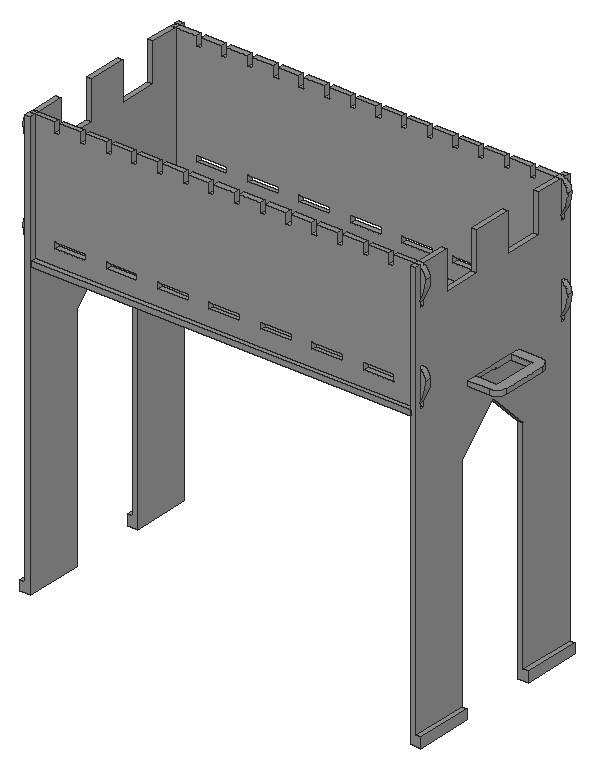
Revit family "9321 Чугунный мангал «Замок» (Разборный) Хоббика", category Антураж, Revit 2018
Family settings
  На основе рабочей плоскости = Нет
  Всегда вертикально = Да
  При загрузке вырезать с полостями = Нет
  Источник визуального образа = Геометрия семейства
  Общий = Нет
  Точка расчета площади = Нет
Parameters (values of type "Чугунный мангал «Замок» (Разборный)")
  Ширина = 300 mm  # constant formula
  Описание = "Чугунный мангал «Замок» (Разборный)"  # constant formula
  Материал изделия = "Чугун"  # constant formula
  Изображение типоразмера = Чугунный мангал «Замок» (Разборный) Арт 9321.jpg
  Изготовитель = "ООО «Хоббика»"  # constant formula
  Длина = 710 mm  # constant formula
  Группа модели = "Мангалы и барбекю"  # constant formula
  Высота = 670 mm  # constant formula
  Артикул товара = "Арт. 9321"  # constant formula
  URL = "https://hobbyka.ru/product/chugunnyy_mangal_zamok_razbornyy/"
Reference planes
  plane 1 "По центру (Вперед/Назад)": y = 0
  plane 2: z = 0
  plane 3 "По центру (Влево/Вправо)": x = 0
  plane 4: y = 300
  plane 5: x = 710
  plane 6: z = 670
Forms (mm)
  Extrusion 1, solid, material "Чугун"
    sketch origin (0, 0, 0) x (0, 1, 0) y (0, 0, 1)
      loop
        line (300, 670) -> (292, 670) -> (292, 610) -> (284, 610) -> (284, 670) -> (240, 670) -> (240, 610) -> (180, 610) -> (180, 670) -> (120, 670) -> (120, 610) -> (60, 610) -> (60, 670) -> (16, 670) -> (16, 610) -> (8, 610) -> (8, 670) -> (0, 670) -> (0, 0) -> (90, 0) -> (90, 360) -> (150, 420) -> (210, 360) -> (210, 0) -> (300, 0) -> (300, 670)
      loop
        line (292, 528) -> (284, 528) -> (284, 468) -> (292, 468) -> (292, 528)
      loop
        line (8, 528) -> (8, 468) -> (16, 468) -> (16, 528) -> (8, 528)
      loop
        line (200, 468) -> (100, 468) -> (100, 460) -> (200, 460) -> (200, 468)
    from 50 to 58
  Extrusion 2, solid, material "Чугун"
    sketch origin (0, 0, 0) x (0, 1, 0) y (0, 0, 1)
      loop
        line (0, 0) -> (90, 0) -> (90, 360) -> (150, 420) -> (210, 360) -> (210, 0) -> (300, 0) -> (300, 670) -> (292, 670) -> (292, 610) -> (284, 610) -> (284, 670) -> (240, 670) -> (240, 610) -> (180, 610) -> (180, 670) -> (120, 670) -> (120, 610) -> (60, 610) -> (60, 670) -> (16, 670) -> (16, 610) -> (8, 610) -> (8, 670) -> (0, 670) -> (0, 0)
      loop
        line (284, 528) -> (284, 468) -> (292, 468) -> (292, 528) -> (284, 528)
      loop
        line (200, 468) -> (100, 468) -> (100, 460) -> (200, 460) -> (200, 468)
      loop
        line (8, 468) -> (16, 468) -> (16, 528) -> (8, 528) -> (8, 468)
    from 652 to 660
  Extrusion 3, solid, material "Чугун"
    sketch origin (0, 0, 0) x (1, 0, 0) y (0, 1, 0)
      loop
        line (58, 300) -> (58, 200) -> (15, 200)
        arc (15, 200) -> (4.393, 195.607) -> (0, 185) r 15
        line (0, 185) -> (0, 115)
        arc (0, 115) -> (4.393, 104.393) -> (15, 100) r 15
        line (15, 100) -> (58, 100) -> (58, 0) -> (652, 0) -> (652, 100) -> (695, 100)
        arc (695, 100) -> (705.607, 104.393) -> (710, 115) r 15
        line (710, 115) -> (710, 185)
        arc (710, 185) -> (705.607, 195.607) -> (695, 200) r 15
        line (695, 200) -> (652, 200) -> (652, 300) -> (58, 300)
      loop
        line (15, 185) -> (15, 115) -> (50, 115) -> (50, 185) -> (15, 185)
      loop
        line (695, 185) -> (660, 185) -> (660, 115) -> (695, 115) -> (695, 185)
    from 460 to 468
  Extrusion 4, solid, material "Чугун"
    sketch origin (0, 0, 0) x (1, 0, 0) y (0, 0, 1)
      loop
        arc (58, 528) -> (45.5, 522.822) -> (40.322, 510.322) r 17.678
        arc (40.322, 510.322) -> (44.919, 487.389) -> (58, 468) r 59.501
        line (58, 468) -> (652, 468)
        arc (652, 468) -> (665.081, 487.389) -> (669.678, 510.322) r 59.501
        arc (669.678, 510.322) -> (664.5, 522.822) -> (652, 528) r 17.678
        line (652, 528) -> (652, 610)
        arc (652, 610) -> (665.081, 629.389) -> (669.678, 652.322) r 59.501
        arc (669.678, 652.322) -> (664.5, 664.822) -> (652, 670) r 17.678
        line (652, 670) -> (619.867, 670) -> (619.867, 655) -> (611.867, 655) -> (611.867, 670) -> (579.733, 670) -> (579.733, 655) -> (571.733, 655) -> (571.733, 670) -> (539.6, 670) -> (539.6, 655) -> (531.6, 655) -> (531.6, 670) -> (499.467, 670) -> (499.467, 655) -> (491.467, 655) -> (491.467, 670) -> (459.333, 670) -> (459.333, 655) -> (451.333, 655) -> (451.333, 670) -> (419.2, 670) -> (419.2, 655) -> (411.2, 655) -> (411.2, 670) -> (379.067, 670) -> (379.067, 655) -> (371.067, 655) -> (371.067, 670) -> (338.933, 670) -> (338.933, 655) -> (330.933, 655) -> (330.933, 670) -> (298.8, 670) -> (298.8, 655) -> (290.8, 655) -> (290.8, 670) -> (258.667, 670) -> (258.667, 655) -> (250.667, 655) -> (250.667, 670) -> (218.533, 670) -> (218.533, 655) -> (210.533, 655) -> (210.533, 670) -> (178.4, 670) -> (178.4, 655) -> (170.4, 655) -> (170.4, 670) -> (138.267, 670) -> (138.267, 655) -> (130.267, 655) -> (130.267, 670) -> (98.133, 670) -> (98.133, 655) -> (90.133, 655) -> (90.133, 670) -> (58, 670)
        arc (58, 670) -> (45.5, 664.822) -> (40.322, 652.322) r 17.678
        arc (40.322, 652.322) -> (44.919, 629.389) -> (58, 610) r 59.501
        line (58, 610) -> (58, 528)
      loop
        line (90.133, 503) -> (90.133, 493) -> (138.267, 493) -> (138.267, 503) -> (90.133, 503)
      loop
        line (170.4, 503) -> (170.4, 493) -> (218.533, 493) -> (218.533, 503) -> (170.4, 503)
      loop
        line (250.667, 503) -> (250.667, 493) -> (298.8, 493) -> (298.8, 503) -> (250.667, 503)
      loop
        line (330.933, 503) -> (330.933, 493) -> (379.067, 493) -> (379.067, 503) -> (330.933, 503)
      loop
        line (411.2, 503) -> (411.2, 493) -> (459.333, 493) -> (459.333, 503) -> (411.2, 503)
      loop
        line (491.467, 503) -> (491.467, 493) -> (539.6, 493) -> (539.6, 503) -> (491.467, 503)
      loop
        line (571.733, 503) -> (571.733, 493) -> (619.867, 493) -> (619.867, 503) -> (571.733, 503)
    from -8 to -16
  Extrusion 5, solid, material "Чугун"
    sketch origin (0, 0, 0) x (1, 0, 0) y (0, 0, 1)
      loop
        line (298.8, 670) -> (298.8, 655) -> (290.8, 655) -> (290.8, 670) -> (258.667, 670) -> (258.667, 655) -> (250.667, 655) -> (250.667, 670) -> (218.533, 670) -> (218.533, 655) -> (210.533, 655) -> (210.533, 670) -> (178.4, 670) -> (178.4, 655) -> (170.4, 655) -> (170.4, 670) -> (138.267, 670) -> (138.267, 655) -> (130.267, 655) -> (130.267, 670) -> (98.133, 670) -> (98.133, 655) -> (90.133, 655) -> (90.133, 670) -> (58, 670)
        arc (58, 670) -> (45.5, 664.822) -> (40.322, 652.322) r 17.678
        arc (40.322, 652.322) -> (44.919, 629.389) -> (58, 610) r 59.501
        line (58, 610) -> (58, 528)
        arc (58, 528) -> (45.5, 522.822) -> (40.322, 510.322) r 17.678
        arc (40.322, 510.322) -> (44.919, 487.389) -> (58, 468) r 59.501
        line (58, 468) -> (652, 468)
        arc (652, 468) -> (665.081, 487.389) -> (669.678, 510.322) r 59.501
        arc (669.678, 510.322) -> (664.5, 522.822) -> (652, 528) r 17.678
        line (652, 528) -> (652, 610)
        arc (652, 610) -> (665.081, 629.389) -> (669.678, 652.322) r 59.501
        arc (669.678, 652.322) -> (664.5, 664.822) -> (652, 670) r 17.678
        line (652, 670) -> (619.867, 670) -> (619.867, 655) -> (611.867, 655) -> (611.867, 670) -> (579.733, 670) -> (579.733, 655) -> (571.733, 655) -> (571.733, 670) -> (539.6, 670) -> (539.6, 655) -> (531.6, 655) -> (531.6, 670) -> (499.467, 670) -> (499.467, 655) -> (491.467, 655) -> (491.467, 670) -> (459.333, 670) -> (459.333, 655) -> (451.333, 655) -> (451.333, 670) -> (419.2, 670) -> (419.2, 655) -> (411.2, 655) -> (411.2, 670) -> (379.067, 670) -> (379.067, 655) -> (371.067, 655) -> (371.067, 670) -> (338.933, 670) -> (338.933, 655) -> (330.933, 655) -> (330.933, 670) -> (298.8, 670)
      loop
        line (90.133, 503) -> (90.133, 493) -> (138.267, 493) -> (138.267, 503) -> (90.133, 503)
      loop
        line (170.4, 503) -> (170.4, 493) -> (218.533, 493) -> (218.533, 503) -> (170.4, 503)
      loop
        line (250.667, 503) -> (250.667, 493) -> (298.8, 493) -> (298.8, 503) -> (250.667, 503)
      loop
        line (330.933, 503) -> (330.933, 493) -> (379.067, 493) -> (379.067, 503) -> (330.933, 503)
      loop
        line (411.2, 503) -> (411.2, 493) -> (459.333, 493) -> (459.333, 503) -> (411.2, 503)
      loop
        line (491.467, 503) -> (491.467, 493) -> (539.6, 493) -> (539.6, 503) -> (491.467, 503)
      loop
        line (571.733, 503) -> (571.733, 493) -> (619.867, 493) -> (619.867, 503) -> (571.733, 503)
    from -284 to -292
  Extrusion 6, solid, material "Чугун"
    sketch origin (0, 0, 0) x (1, 0, 0) y (0, 1, 0)
      loop
        line (50, 300) -> (42, 300) -> (42, 210) -> (50, 210) -> (50, 300)
      loop
        line (668, 300) -> (660, 300) -> (660, 210) -> (668, 210) -> (668, 300)
      loop
        line (50, 90) -> (42, 90) -> (42, 0) -> (50, 0) -> (50, 90)
      loop
        line (668, 90) -> (660, 90) -> (660, 0) -> (668, 0) -> (668, 90)
    from 0 to 16
Cuts and joins
  joined: Extrusion 1, Extrusion 2, Extrusion 6
Dimensions and locks
  "Ширина": plane 4 to plane 1 "По центру (Вперед/Назад)"
  "Длина": plane 5 to plane 3 "По центру (Влево/Вправо)"
  "Высота": plane 6 to plane 2
  aligned and locked: level to plane 2
Automatic sketch dimensions
  Extrusion 3 sketch curve to plane 3 "По центру (Влево/Вправо)" = 0 mm
  plane 1 "По центру (Вперед/Назад)" to Extrusion 3 sketch curve = 0 mm
  Extrusion 3 sketch curve to plane 4 = 0 mm
  Extrusion 3 sketch curve to plane 5 = 0 mm
  plane 3 "По центру (Влево/Вправо)" to Extrusion 3 sketch curve = 15 mm  (x2)
  Extrusion 3 sketch curve to Extrusion 3 sketch curve = 0 mm  (x5)
  Extrusion 3 sketch curve to Extrusion 3 sketch curve = 35 mm
  Extrusion 3 sketch curve to Extrusion 3 sketch curve = 8 mm  (x3)
  Extrusion 3 sketch curve to plane 5 = 58 mm  (x2)
  Extrusion 3 sketch curve to plane 5 = 15 mm
  Extrusion 3 sketch curve to plane 1 "По центру (Вперед/Назад)" = 100 mm  (x2)
  Extrusion 3 sketch curve to Extrusion 3 sketch curve = 15 mm  (x2)
  Extrusion 3 sketch curve to Extrusion 3 sketch curve = 70 mm  (x2)
  Extrusion 1 sketch curve to level = 0 mm  (x2)
  Extrusion 1 sketch curve to plane 1 "По центру (Вперед/Назад)" = 0 mm
  Extrusion 1 sketch curve to plane 6 = 0 mm  (x5)
  Extrusion 1 sketch curve to plane 4 = 0 mm
  Extrusion 1 sketch curve to plane 1 "По центру (Вперед/Назад)" = 8 mm
  Extrusion 1 sketch curve to Extrusion 1 sketch curve = 8 mm  (x7)
  Extrusion 1 sketch curve to Extrusion 1 sketch curve = 44 mm
  Extrusion 1 sketch curve to Extrusion 1 sketch curve = 90 mm
  Extrusion 1 sketch curve to Extrusion 1 sketch curve = 84 mm
  Extrusion 1 sketch curve to Extrusion 1 sketch curve = 60 mm  (x5)
  Extrusion 1 sketch curve to Extrusion 1 sketch curve = 50 mm  (x2)
  Extrusion 1 sketch curve to plane 4 = 60 mm
  Extrusion 1 sketch curve to plane 4 = 16 mm  (x2)
  Extrusion 1 sketch curve to plane 6 = 310 mm
  Extrusion 1 sketch curve to Extrusion 1 sketch curve = 0 mm  (x4)
  Extrusion 1 sketch curve to Extrusion 1 sketch curve = 40 mm
  Extrusion 1 sketch curve to plane 6 = 60 mm  (x2)
  Extrusion 2 sketch curve to level = 0 mm  (x2)
  Extrusion 2 sketch curve to plane 1 "По центру (Вперед/Назад)" = 0 mm
  Extrusion 2 sketch curve to plane 6 = 0 mm  (x5)
  Extrusion 2 sketch curve to plane 4 = 0 mm
  Extrusion 2 sketch curve to plane 1 "По центру (Вперед/Назад)" = 8 mm  (x2)
  Extrusion 2 sketch curve to Extrusion 2 sketch curve = 8 mm  (x5)
  Extrusion 2 sketch curve to Extrusion 2 sketch curve = 44 mm
  Extrusion 2 sketch curve to plane 1 "По центру (Вперед/Назад)" = 90 mm
  Extrusion 2 sketch curve to Extrusion 2 sketch curve = 60 mm  (x5)
  Extrusion 2 sketch curve to plane 4 = 90 mm
  Extrusion 2 sketch curve to plane 4 = 60 mm
  Extrusion 2 sketch curve to plane 4 = 16 mm  (x2)
  Extrusion 2 sketch curve to plane 6 = 310 mm
  Extrusion 2 sketch curve to Extrusion 2 sketch curve = 0 mm  (x4)
  Extrusion 2 sketch curve to plane 6 = 60 mm  (x2)
  Extrusion 2 sketch curve to Extrusion 2 sketch curve = 108 mm
  Extrusion 2 sketch curve to Extrusion 2 sketch curve = 50 mm  (x2)
  Extrusion 2 sketch curve to Extrusion 2 sketch curve = 40 mm
  Extrusion 6 sketch curve to plane 4 = 0 mm  (x2)
  plane 1 "По центру (Вперед/Назад)" to Extrusion 6 sketch curve = 0 mm  (x2)
  plane 3 "По центру (Влево/Вправо)" to Extrusion 6 sketch curve = 42 mm  (x2)
  Extrusion 6 sketch curve to Extrusion 6 sketch curve = 8 mm  (x4)
  Extrusion 6 sketch curve to plane 5 = 50 mm  (x2)
  Extrusion 6 sketch curve to Extrusion 6 sketch curve = 90 mm
  Extrusion 6 sketch curve to plane 1 "По центру (Вперед/Назад)" = 90 mm
  Extrusion 6 sketch curve to plane 4 = 90 mm  (x2)
  Extrusion 4 sketch curve to plane 6 = 0 mm  (x15)
  Extrusion 4 sketch curve to plane 6 = 17.678 mm
  plane 3 "По центру (Влево/Вправо)" to Extrusion 4 sketch curve = 58 mm  (x2)
  Extrusion 4 sketch curve to Extrusion 4 sketch curve = 0 mm  (x10)
  Extrusion 4 sketch curve to plane 6 = 15 mm  (x5)
  Extrusion 4 sketch curve to Extrusion 4 sketch curve = 32.133 mm  (x18)
  Extrusion 4 sketch curve to Extrusion 4 sketch curve = 8 mm  (x17)
  Extrusion 4 sketch curve to Extrusion 4 sketch curve = 41.823 mm
  Extrusion 4 sketch curve to Extrusion 4 sketch curve = 1.69 mm  (x2)
  Extrusion 4 sketch curve to plane 6 = 177 mm  (x7)
  Extrusion 4 sketch curve to plane 5 = 99.823 mm
  Extrusion 4 sketch curve to Extrusion 4 sketch curve = 30.443 mm
  Extrusion 4 sketch curve to Extrusion 4 sketch curve = 42.322 mm  (x2)
  Extrusion 4 sketch curve to Extrusion 4 sketch curve = 60 mm
  Extrusion 4 sketch curve to Extrusion 4 sketch curve = 82 mm  (x2)
  Extrusion 4 sketch curve to Extrusion 4 sketch curve = 17.678 mm  (x3)
  Extrusion 4 sketch curve to Extrusion 4 sketch curve = 2.678 mm
  Extrusion 4 sketch curve to Extrusion 4 sketch curve = 15 mm  (x8)
  Extrusion 4 sketch curve to Extrusion 4 sketch curve = 10 mm  (x7)
  Extrusion 5 sketch curve to plane 6 = 0 mm  (x15)
  plane 3 "По центру (Влево/Вправо)" to Extrusion 5 sketch curve = 58 mm
  Extrusion 5 sketch curve to Extrusion 5 sketch curve = 0 mm  (x6)
  Extrusion 5 sketch curve to plane 6 = 17.678 mm
  Extrusion 5 sketch curve to Extrusion 5 sketch curve = 32.133 mm  (x23)
  Extrusion 5 sketch curve to Extrusion 5 sketch curve = 8 mm  (x14)
  Extrusion 5 sketch curve to Extrusion 5 sketch curve = 1.69 mm  (x2)
  Extrusion 5 sketch curve to Extrusion 5 sketch curve = 9.69 mm  (x2)
  Extrusion 5 sketch curve to Extrusion 5 sketch curve = 38.443 mm  (x2)
  Extrusion 5 sketch curve to plane 6 = 15 mm  (x9)
  Extrusion 5 sketch curve to Extrusion 5 sketch curve = 48.133 mm  (x5)
  Extrusion 5 sketch curve to Extrusion 5 sketch curve = 30.443 mm
  Extrusion 5 sketch curve to Extrusion 5 sketch curve = 17.678 mm  (x3)
  Extrusion 5 sketch curve to Extrusion 5 sketch curve = 42.322 mm  (x2)
  Extrusion 5 sketch curve to Extrusion 5 sketch curve = 82 mm  (x2)
  Extrusion 5 sketch curve to Extrusion 5 sketch curve = 7.322 mm  (x3)
  Extrusion 5 sketch curve to Extrusion 5 sketch curve = 10 mm  (x7)
  Extrusion 5 sketch curve to Extrusion 5 sketch curve = 25 mm
  Extrusion 5 sketch curve to Extrusion 5 sketch curve = 2.678 mm  (x2)
  Extrusion 5 sketch curve to Extrusion 5 sketch curve = 15 mm  (x3)
